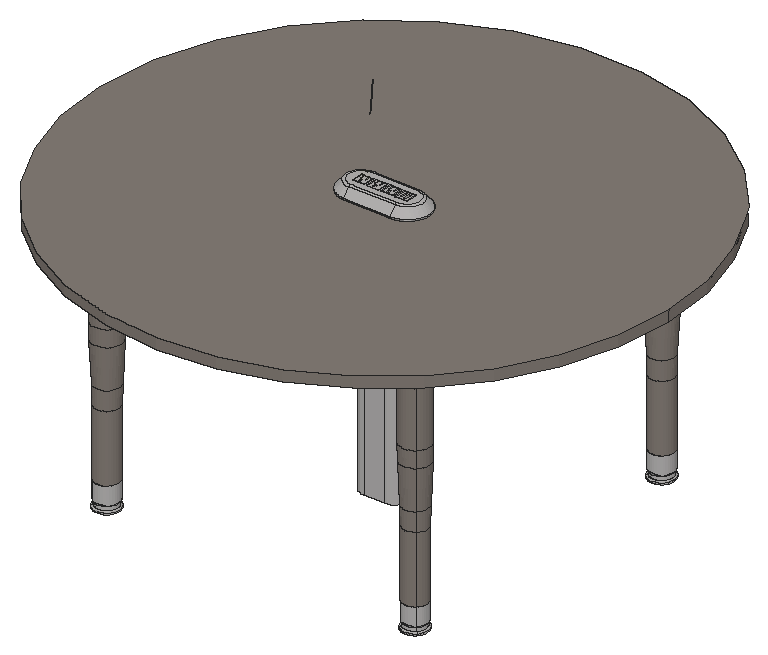
Revit family "Table-Teknion-Zones_ZNTWD-R2015", category Furniture, Revit 2015 (continued)
Definition of nested family "Lighting_Fixture-Table_Lamp-Teknion-Zones_ZNETL-R2013"
  Dimensions and locks (in)
    aligned and locked: plane 1 "Center F/B" to curve 5
    aligned and locked: plane 3 "Center L/R" to curve 5
  Automatic sketch dimensions
    Revolve 1 sketch curve to plane 8 "Top" = 0.53897"
    Revolve 1 sketch curve to level = 16.65636"
    Revolve 1 sketch curve to Revolve 1 sketch curve = 33.72995"
Definition of nested family "Table-Cable_Manager-Teknion-Zones_ZNEC-R2013"
  Parameters
    Width = 2.40687"
    Warranty = "http://www.teknion.com/ca/papers/legal-canada"
    URL = "www.teknion.com"
    Sustainability Data = "http://www.teknion.com/ca/tools/assets#&asset=444deb64-fe58-4b68-981e-f75e97781df7,b4ff2d81-9f2e-437d-9659-7cffb09c31cf"
    Square or Round Workshop [instance] = yes
    Series = "Zones"
    Rectangular Workshop [instance] = not(Square or Round Workshop)  # no
    Product Page URL = "http://www.teknion.com/products/product-details?productLineId=b28c7a6e-8e7a-673b-a6c8-ff64004460c4"
    Product Line = "Zones"
    Product Documentation Link = "http://www.teknion.com/pricing/Zones/pdfs/ZNEC_ppg.pdf"
    Part Number = "ZNEC"
    Model = "See Item Code"
    Manufacturer Phone = "416-661-3370"
    Manufacturer Fax = "416.661.4586"
    Manufacturer Contact Information = "http://www.teknion.com/ca/contactus"
    Manufacturer Address = "1150 Flint Road, Toronto, ON. M3J 2J5. Canada"
    Manufacturer = "Teknion"  # constant formula
    Item Code [instance] = if(Square or Round Workshop, "ZNECTS", "ZNECTR")  # "ZNECTS"
    Height [instance] = 24"
    Description = "Workshop Table Cable Manager, Task Height"
    Depth = 4 57/128"
    Cable Manager Material = none
    Assembly Code = "E2020200"
  Reference planes (in)
    plane 1 "Center F/B": y = 0
    plane 2: z = 0
    plane 3 "Center L/R": x = 0
    plane 4 "Left": x = -1.20344
    plane 5 "Right": x = 1.20344
    plane 6 "Back": y = 2.22265
    plane 7 "Front": y = -2.22265
    plane 8 "Top": z = 24
    plane 9: y = 1.01922
    plane 10: y = -1.01922
    plane 11 "Masking Region": z = 27
  Forms (in)
    Sweep 1, solid, material <- "Cable Manager Material"
      path origin (0, 0, 0) x (1, 0, 0) y (0, 1, 0)
        loop
          line (-1.20344, 1.01922) -> (-1.20344, -1.01922)
          arc (-1.20344, -1.01922) -> (0, -2.22265) -> (1.20344, -1.01922) r 1.20344
          line (1.20344, -1.01922) -> (1.20344, 1.01922)
          arc (1.20344, 1.01922) -> (0, 2.22265) -> (-1.20344, 1.01922) r 1.20344
      profile origin (-1.20344, 0, 0) x (1, 0, 0) y (0, 0, 1)
        loop
          line (0, 22.64001) -> (0, 0) -> (0.04, 0) -> (0.04, 22.63944)
          arc (0.04, 22.63944) -> (0.06579, 22.81091) -> (0.13177, 22.97126) r 0.72121
          arc (0.13177, 22.97126) -> (0.23286, 23.12734) -> (0.35305, 23.26924) r 1.45442
          line (0.35305, 23.26924) -> (0.29818, 23.26924)
          arc (0.29818, 23.26924) -> (0.1895, 23.13583) -> (0.09687, 22.99082) r 1.49442
          arc (0.09687, 22.99082) -> (0.02716, 22.82129) -> (0, 22.64001) r 0.76121
    Sweep 2, void
      path origin (0, 0, 0) x (1, 0, 0) y (0, 1, 0)
        loop
          line (0, 2.22265) -> (0, -2.22265)
      profile origin (0, 0, 0) x (1, 0, 0) y (0, 0, 1)
        loop
          line (-0.55955, 24) -> (-0.55955, 22.43135)
          arc (-0.55955, 22.43135) -> (-0.52293, 22.34296) -> (-0.43455, 22.30635) r 0.125
          line (-0.43455, 22.30635) -> (0.43455, 22.30635)
          arc (0.43455, 22.30635) -> (0.52293, 22.34296) -> (0.55955, 22.43135) r 0.125
          line (0.55955, 22.43135) -> (0.55955, 24) -> (-0.55955, 24)
    Sweep 3, solid
      path origin (0, 0, 0) x (1, 0, 0) y (0, 1, 0)
        loop
          arc (1.20344, 1.01922) -> (0, 2.22265) -> (-1.20344, 1.01922) r 1.20344
          line (-1.20344, 1.01922) -> (-1.20344, -1.01922)
          arc (-1.20344, -1.01922) -> (0, -2.22265) -> (1.20344, -1.01922) r 1.20344
          line (1.20344, -1.01922) -> (1.20344, 1.01922)
      profile origin (-1.20344, 0, 0) x (1, 0, 0) y (0, 0, 1)
        loop
          circle (0.37162, 23.21258) r 0.0937
    Sweep 4, solid
      path origin (0, 0, 0) x (1, 0, 0) y (0, 0, 1)
        loop
          line (0, 23.92126) -> (0, 24)
      profile origin (0, 0, 23.96063) x (-1, 0, 0) y (0, -1, 0)
        loop
          line (0.4101, 0.5) -> (0.68898, 0.6015) -> (0.68898, 1.44442)
          arc (0.68898, 1.44442) -> (0.51174, 1.56247) -> (0.31496, 1.64387) r 1.09197
          line (0.31496, 1.64387) -> (0.31496, 1.71161) -> (-0.31496, 1.71161) -> (-0.31496, 1.64387)
          arc (-0.31496, 1.64387) -> (-0.51174, 1.56247) -> (-0.68898, 1.44442) r 1.09197
          line (-0.68898, 1.44442) -> (-0.68898, 0.6015) -> (-0.4101, 0.5) -> (-0.4101, -0.5) -> (-0.68898, -0.6015) -> (-0.68898, -1.44442)
          arc (-0.68898, -1.44442) -> (-0.51174, -1.56247) -> (-0.31496, -1.64387) r 1.09197
          line (-0.31496, -1.64387) -> (-0.31496, -1.71161) -> (0.31496, -1.71161) -> (0.31496, -1.64387)
          arc (0.31496, -1.64387) -> (0.51174, -1.56247) -> (0.68898, -1.44442) r 1.09197
          line (0.68898, -1.44442) -> (0.68898, -0.6015) -> (0.4101, -0.5) -> (0.4101, 0.5)
    Sweep 5, solid
      path origin (0, 0, 0) x (1, 0, 0) y (0, 1, 0)
        loop
          line (-0.31496, 0) -> (0.31496, 0)
      profile origin (0, 0, 0) x (0, 1, 0) y (0, 0, 1)
        loop
          line (1.71161, 23.2126) -> (1.71161, 23.92126) -> (1.63287, 23.92126) -> (1.63287, 23.1187) -> (1.74838, 23.1187)
          arc (1.74838, 23.1187) -> (1.72113, 23.16218) -> (1.71161, 23.2126) r 0.13829
        loop
          arc (-1.71161, 23.2126) -> (-1.72113, 23.16218) -> (-1.74838, 23.1187) r 0.13829
          line (-1.74838, 23.1187) -> (-1.63287, 23.1187) -> (-1.63287, 23.92126) -> (-1.71161, 23.92126) -> (-1.71161, 23.2126)
    Sweep 6, solid, visible <- "Square or Round Workshop"
      path origin (0, 0, 0) x (1, 0, 0) y (0, 0, 1)
        loop
          line (0, 23.94) -> (0, 21)
      profile origin (0, 0, 22.47) x (0, -1, 0) y (1, 0, 0)
        loop
          arc (-2.75, -1.2021) -> (-2.62318, -1.50828) -> (-2.317, -1.6351) r 0.433
          line (-2.317, -1.6351) -> (2.317, -1.6351)
          arc (2.317, -1.6351) -> (2.62318, -1.50828) -> (2.75, -1.2021) r 0.433
          line (2.75, -1.2021) -> (2.75, -0.058)
          arc (2.75, -0.058) -> (2.73301, -0.01699) -> (2.692, 0) r 0.058
          arc (2.692, 0) -> (2.73301, 0.01699) -> (2.75, 0.058) r 0.058
          line (2.75, 0.058) -> (2.75, 1.2021)
          arc (2.75, 1.2021) -> (2.62318, 1.50828) -> (2.317, 1.6351) r 0.433
          line (2.317, 1.6351) -> (-2.317, 1.6351)
          arc (-2.317, 1.6351) -> (-2.62318, 1.50828) -> (-2.75, 1.2021) r 0.433
          line (-2.75, 1.2021) -> (-2.75, 0.058)
          arc (-2.75, 0.058) -> (-2.73301, 0.01699) -> (-2.692, 0) r 0.058
          arc (-2.692, 0) -> (-2.73301, -0.01699) -> (-2.75, -0.058) r 0.058
          line (-2.75, -0.058) -> (-2.75, -1.2021)
        loop
          line (-2.702, -0.048) -> (-2.702, -1.2021)
          arc (-2.702, -1.2021) -> (-2.58924, -1.47434) -> (-2.317, -1.5871) r 0.385
          line (-2.317, -1.5871) -> (2.317, -1.5871)
          arc (2.317, -1.5871) -> (2.58924, -1.47434) -> (2.702, -1.2021) r 0.385
          line (2.702, -1.2021) -> (2.702, -0.048) -> (1.75, -0.048) -> (1.75, 0.048) -> (2.702, 0.048) -> (2.702, 1.2021)
          arc (2.702, 1.2021) -> (2.58924, 1.47434) -> (2.317, 1.5871) r 0.385
          line (2.317, 1.5871) -> (-2.317, 1.5871)
          arc (-2.317, 1.5871) -> (-2.58924, 1.47434) -> (-2.702, 1.2021) r 0.385
          line (-2.702, 1.2021) -> (-2.702, 0.048) -> (-1.75, 0.048) -> (-1.75, -0.048) -> (-2.702, -0.048)
    Sweep 7, solid, visible <- "Square or Round Workshop"
      path origin (0, 0, 0) x (1, 0, 0) y (0, 0, 1)
        loop
          line (0, 23.94) -> (0, 24)
      profile origin (0, 0, 23.97) x (-1, 0, 0) y (0, -1, 0)
        loop
          line (1.6351, -1.7247) -> (1.6351, 1.7247) -> (0.9742, 1.7247)
          arc (0.9742, 1.7247) -> (0.88581, 1.68809) -> (0.8492, 1.5997) r 0.125
          line (0.8492, 1.5997) -> (0.8492, -1.5997)
          arc (0.8492, -1.5997) -> (0.88581, -1.68809) -> (0.9742, -1.7247) r 0.125
          line (0.9742, -1.7247) -> (1.6351, -1.7247)
        loop
          line (-1.6351, 1.7247) -> (-1.6351, -1.7247) -> (-0.9742, -1.7247)
          arc (-0.9742, -1.7247) -> (-0.88581, -1.68809) -> (-0.8492, -1.5997) r 0.125
          line (-0.8492, -1.5997) -> (-0.8492, 1.5997)
          arc (-0.8492, 1.5997) -> (-0.88581, 1.68809) -> (-0.9742, 1.7247) r 0.125
          line (-0.9742, 1.7247) -> (-1.6351, 1.7247)
  Cuts and joins
    Sweep 2 cuts Sweep 1
    joined: Sweep 4, Sweep 5
    joined: Sweep 6, Sweep 7
  Lines and regions (in)
    Masking region 1, visible <- "Square or Round Workshop"
      outline origin (0, 0, 27) x (-1, 0, 0) y (0, -1, 0)
        loop
          arc (0, -2.692) -> (0.01699, -2.73301) -> (0.058, -2.75) r 0.058
          line (0.058, -2.75) -> (1.2021, -2.75)
          arc (1.2021, -2.75) -> (1.50828, -2.62318) -> (1.6351, -2.317) r 0.433
          line (1.6351, -2.317) -> (1.6351, 2.317)
          arc (1.6351, 2.317) -> (1.50828, 2.62318) -> (1.2021, 2.75) r 0.433
          line (1.2021, 2.75) -> (0.058, 2.75)
          arc (0.058, 2.75) -> (0.01699, 2.73301) -> (0, 2.692) r 0.058
          arc (0, 2.692) -> (-0.01699, 2.73301) -> (-0.058, 2.75) r 0.058
          line (-0.058, 2.75) -> (-1.2021, 2.75)
          arc (-1.2021, 2.75) -> (-1.50828, 2.62318) -> (-1.6351, 2.317) r 0.433
          line (-1.6351, 2.317) -> (-1.6351, -2.317)
          arc (-1.6351, -2.317) -> (-1.50828, -2.62318) -> (-1.2021, -2.75) r 0.433
          line (-1.2021, -2.75) -> (-0.058, -2.75)
          arc (-0.058, -2.75) -> (-0.01699, -2.73301) -> (0, -2.692) r 0.058
        loop
          line (0.048, -2.702) -> (1.2021, -2.702)
          arc (1.2021, -2.702) -> (1.47434, -2.58924) -> (1.5871, -2.317) r 0.385
          line (1.5871, -2.317) -> (1.5871, -1.7247) -> (0.9742, -1.7247)
          arc (0.9742, -1.7247) -> (0.88581, -1.68809) -> (0.8492, -1.5997) r 0.125
          line (0.8492, -1.5997) -> (0.8492, 1.5997)
          arc (0.8492, 1.5997) -> (0.88581, 1.68809) -> (0.9742, 1.7247) r 0.125
          line (0.9742, 1.7247) -> (1.5871, 1.7247) -> (1.5871, 2.317)
          arc (1.5871, 2.317) -> (1.47434, 2.58924) -> (1.2021, 2.702) r 0.385
          line (1.2021, 2.702) -> (0.048, 2.702) -> (0.048, 1.75) -> (-0.048, 1.75) -> (-0.048, 2.702) -> (-1.2021, 2.702)
          arc (-1.2021, 2.702) -> (-1.47434, 2.58924) -> (-1.5871, 2.317) r 0.385
          line (-1.5871, 2.317) -> (-1.5871, 1.7247) -> (-0.9742, 1.7247)
          arc (-0.9742, 1.7247) -> (-0.88581, 1.68809) -> (-0.8492, 1.5997) r 0.125
          line (-0.8492, 1.5997) -> (-0.8492, -1.5997)
          arc (-0.8492, -1.5997) -> (-0.88581, -1.68809) -> (-0.9742, -1.7247) r 0.125
          line (-0.9742, -1.7247) -> (-1.5871, -1.7247) -> (-1.5871, -2.317)
          arc (-1.5871, -2.317) -> (-1.47434, -2.58924) -> (-1.2021, -2.702) r 0.385
          line (-1.2021, -2.702) -> (-0.048, -2.702) -> (-0.048, -1.75) -> (0.048, -1.75) -> (0.048, -2.702)
    symbolic lines
      curve 1: arc (1.20344, 1.01922, 27) -> (0, 2.22265, 27) -> (-1.20344, 1.01922, 27) r 1.20344
      curve 2: line (-1.20344, 1.01922, 27) -> (-1.20344, -1.01922, 27)
      curve 3: line (1.20344, -1.01922, 27) -> (1.20344, 1.01922, 27)
      curve 4: arc (-1.20344, -1.01922, 27) -> (0, -2.22265, 27) -> (1.20344, -1.01922, 27) r 1.20344
  Dimensions and locks (in)
    "Height": plane 8 "Top" to plane 2
    equal spacing: plane 4 "Left", plane 3 "Center L/R", plane 5 "Right"
    "Width": plane 4 "Left" to plane 5 "Right"
    equal spacing: plane 6 "Back", plane 1 "Center F/B", plane 7 "Front"
    "Depth": plane 6 "Back" to plane 7 "Front"
    plane 10 to plane 1 "Center F/B" to plane 9 = 1.01922" locked, 1.01922" locked
    Sweep 2 sketch curve to plane 3 "Center L/R" to Sweep 2 sketch curve = 0.55955" locked, 0.55955" locked
    locked: plane 8 "Top" to Sweep 2 sketch curve at 1.69365
    locked: Sweep 1 sketch curve to plane 4 "Left" at 0.04
    locked: plane 8 "Top" to Sweep 4 sketch curve at 0.07874
    Sweep 4 sketch curve to Sweep 4 sketch curve to Sweep 4 sketch curve to plane 3 "Center L/R" to Sweep 4 sketch curve to Sweep 4 sketch curve to Sweep 4 sketch curve = 0" locked, 0.27887" locked, 0.4101" locked, 0.4101" locked, 0.27887" locked, 0" locked
    Sweep 5 sketch curve to plane 3 "Center L/R" to Sweep 5 sketch curve = 0.31496" locked, 0.31496" locked
    plane 6 "Back" to Sweep 5 sketch curve to Sweep 5 sketch curve = 0.51104" locked, 0.07874" locked
    Sweep 5 sketch curve to Sweep 5 sketch curve to plane 7 "Front" = 0.07874" locked, 0.51104" locked
    plane 8 "Top" to Sweep 5 sketch curve to Sweep 5 sketch curve = 0.07874" locked, 0.80256" locked  (x2)
    Sweep 4 sketch curve to plane 1 "Center F/B" to Sweep 4 sketch curve = 1.71161" locked, 1.71161" locked
    locked: plane 11 "Masking Region" to plane 8 "Top" at 3
    locked: plane 8 "Top" to Sweep 6 sketch curve at 3
    Sweep 6 sketch curve to plane 1 "Center F/B" to Sweep 6 sketch curve = 2 3/4" locked, 2 3/4" locked
    locked: plane 8 "Top" to Sweep 7 sketch curve at 0.06
    Sweep 7 sketch curve to Sweep 7 sketch curve to plane 1 "Center F/B" to Sweep 7 sketch curve to Sweep 7 sketch curve = 0" locked, 1.7247" locked, 1.7247" locked, 0" locked
    locked: plane 8 "Top" to Sweep 6 sketch curve at 0.06
    Sweep 6 sketch curve to plane 3 "Center L/R" to Sweep 6 sketch curve = 1.6351" locked, 1.6351" locked
    Sweep 7 sketch curve to plane 3 "Center L/R" to Sweep 7 sketch curve = 1.6351" locked, 1.6351" locked
    locked: plane 8 "Top" to Sweep 3 sketch curve at 0.78742
    plane 8 "Top" to Sweep 1 sketch curve to Sweep 1 sketch curve to Sweep 1 sketch curve = 0.73076" locked, 0.65056" locked, 0.35846" locked
    aligned and locked: level to plane 2
    aligned and locked: plane 6 "Back" to Sweep 2 sketch curve
    aligned and locked: plane 7 "Front" to Sweep 2 sketch curve
    aligned and locked: Sweep 2 sketch curve to plane 3 "Center L/R"
    aligned and locked: Sweep 2 sketch curve to plane 8 "Top"
    aligned and locked: Sweep 1 sketch curve to plane 4 "Left"  (x2)
    aligned and locked: Sweep 1 sketch curve to plane 5 "Right"
    aligned and locked: plane 9 to Sweep 1 sketch curve
    aligned and locked: plane 10 to Sweep 1 sketch curve
    aligned and locked: Sweep 3 sketch curve to plane 4 "Left"
    aligned and locked: plane 5 "Right" to Sweep 3 sketch curve
    aligned and locked: plane 9 to Sweep 3 sketch curve
    aligned and locked: plane 10 to Sweep 3 sketch curve
    aligned and locked: plane 3 "Center L/R" to Sweep 3 sketch curve  (x2)
    aligned and locked: plane 8 "Top" to Sweep 4 sketch curve
    aligned and locked: plane 3 "Center L/R" to Sweep 4 sketch curve
    aligned and locked: plane 1 "Center F/B" to Sweep 5 sketch curve
    aligned and locked: Sweep 6 sketch curve to plane 3 "Center L/R"
    aligned and locked: plane 8 "Top" to Sweep 7 sketch curve
    aligned and locked: plane 3 "Center L/R" to Sweep 7 sketch curve
    aligned and locked: Masking region 1 sketch curve to cut or joined group of Sweep 6, Sweep 7  (x24)
    aligned and locked: cut or joined group of Sweep 6, Sweep 7 to Masking region 1 sketch curve  (x2)
    aligned and locked: curve 2 to plane 4 "Left"
    aligned and locked: plane 5 "Right" to curve 3
    aligned and locked: plane 9 to curve 1
    aligned and locked: plane 3 "Center L/R" to curve 1
    aligned and locked: plane 3 "Center L/R" to curve 4
    aligned and locked: plane 10 to curve 4
  Automatic sketch dimensions
    Sweep 1 sketch curve to level = 0"
    Sweep 1 sketch curve to profile plane = 0.09687"
    Sweep 1 sketch curve to Sweep 1 sketch curve = 0"  (x6)
    Sweep 1 sketch curve to Sweep 1 sketch curve = 0.03489"
    Sweep 1 sketch curve to Sweep 1 sketch curve = 0.05487"
    Sweep 1 sketch curve to Sweep 1 sketch curve = 0.00057"
    profile plane to Sweep 2 sketch curve = 0.43455"
    Sweep 2 sketch curve to Sweep 2 sketch curve = 1/8"
    Sweep 3 sketch curve to profile plane = 0.37162"
    Sweep 4 sketch curve to profile plane = 0.31496"  (x2)
    profile plane to Sweep 4 sketch curve = 0.31496"  (x2)
    profile plane to Sweep 4 sketch curve = 0.00209"  (x2)
    Sweep 4 sketch curve to profile plane = 0.00209"  (x2)
    Sweep 4 sketch curve to Sweep 4 sketch curve = 0.06774"  (x4)
    Sweep 4 sketch curve to Sweep 4 sketch curve = 0.19946"  (x4)
    Sweep 4 sketch curve to plane 1 "Center F/B" = 0.6015"  (x2)
    Sweep 4 sketch curve to Sweep 4 sketch curve = 0.1015"  (x4)
    plane 1 "Center F/B" to Sweep 4 sketch curve = 1/2"  (x2)
    Sweep 5 sketch curve to Sweep 5 sketch curve = 0.03677"  (x2)
    Sweep 5 sketch curve to Sweep 5 sketch curve = 0.13829"
    Sweep 5 sketch curve to Sweep 5 sketch curve = 0.10152"
    Sweep 6 sketch curve to Sweep 6 sketch curve = 0"  (x10)
    profile plane to Sweep 6 sketch curve = 0.058"
    Sweep 6 sketch curve to Sweep 6 sketch curve = 0.048"
    Sweep 6 sketch curve to Sweep 6 sketch curve = 0.385"  (x2)
    profile plane to Sweep 6 sketch curve = 0.048"
    Sweep 6 sketch curve to Sweep 6 sketch curve = 0.567"  (x2)
    Sweep 6 sketch curve to Sweep 6 sketch curve = 0.952"
    Sweep 6 sketch curve to profile plane = 0"
    Sweep 6 sketch curve to Sweep 6 sketch curve = 0.01"  (x4)
    Sweep 6 sketch curve to profile plane = 0.048"  (x2)
    Sweep 6 sketch curve to Sweep 6 sketch curve = 0.942"
    Sweep 6 sketch curve to profile plane = 0.058"  (x2)
    Sweep 7 sketch curve to Sweep 7 sketch curve = 1/8"  (x3)
    Sweep 7 sketch curve to Sweep 7 sketch curve = 0.6609"  (x2)
    profile plane to Sweep 7 sketch curve = 0.8492"
    radius of Sweep 3 sketch curve = 0.0937"
Definition of nested family "Support-Frame-Teknion-Zones_ZNTW-R2015"
  Parameters (values of type "Frame")
    Width = 29 65/256"
    URL = ""
    Table Leg Wood Finish [instance] = none
    Table Frame Finish [instance] = none
    Model = ""
    Manufacturer = ""
    Height = 1.631"
    Description = ""
    Depth = 29 65/256"
    Assembly Code = "E2020200"
  Reference planes (in)
    plane 1 "Top 1": z = 22.369
    plane 2 "Center (Left/Right)": x = 0
    plane 3 "Left": x = -14.62695
    plane 4 "Right": x = 14.62695
    plane 5 "Top": z = 24
    plane 6 "Back": y = 14.62695
    plane 7: y = -14.62695
    plane 8: y = 0
    plane 9 "Bottom": z = 0
    plane 10 "Frame Symbol": z = 26
  Forms (in)
    Sweep 1, solid, material <- "Table Frame Finish"
      path origin (0, 0, 24) x (-1, 0, 0) y (0, -1, 0)
        loop
          line (-14.62695, -14.62695) -> (14.62695, -14.62695) -> (14.62695, 14.62695) -> (-14.62695, 14.62695) -> (-14.62695, -14.62695)
      profile origin (0, 14.62695, 24) x (0, -1, 0) y (0, 0, 1)
        loop
          arc (5.32014, -1.61829) -> (5.68566, -1.51002) -> (5.84375, -1.16312) r 0.45964
          line (5.84375, -1.16312) -> (5.84375, 0) -> (0, 0) -> (0, -0.49716)
          arc (0, -0.49716) -> (0.10537, -0.77899) -> (0.3698, -0.92256) r 0.42959
          line (0.3698, -0.92256) -> (5.32014, -1.61829)
  Lines and regions (in)
    symbolic lines, detail levels medium+fine
      curve 1: line (14.62695, 14.62695, 26) -> (-14.62695, 14.62695, 26)
      curve 2: line (14.62695, -14.62695, 26) -> (14.62695, 14.62695, 26)
      curve 3: line (-14.62695, -14.62695, 26) -> (14.62695, -14.62695, 26)
      curve 4: line (-14.62695, 14.62695, 26) -> (-14.62695, -14.62695, 26)
      curve 5: line (-8.7832, 8.7832, 26) -> (8.7832, 8.7832, 26)
      curve 6: line (-8.7832, -8.7832, 26) -> (-8.7832, 8.7832, 26)
      curve 7: line (8.7832, -8.7832, 26) -> (-8.7832, -8.7832, 26)
      curve 8: line (8.7832, 8.7832, 26) -> (8.7832, -8.7832, 26)
  Dimensions and locks (in)
    equal spacing: plane 3 "Left", plane 2 "Center (Left/Right)", plane 4 "Right"
    "Width": plane 3 "Left" to plane 4 "Right"
    "Height": plane 5 "Top" to plane 1 "Top 1"
    Sweep 1 sketch curve to Sweep 1 sketch curve to Sweep 1 sketch curve to plane 1 "Top 1" = 0.49716", 0.66597", 0.46788" locked
    "Depth": plane 6 "Back" to plane 7
    equal spacing: plane 6 "Back", plane 8, plane 7
    locked: plane 5 "Top" to plane 9 "Bottom" at 24
    plane 10 "Frame Symbol" to plane 9 "Bottom" = 26"
    aligned and locked: Sweep 1 sketch curve to plane 3 "Left"
    aligned and locked: plane 4 "Right" to Sweep 1 sketch curve
    aligned and locked: Sweep 1 to plane 3 "Left"
    aligned and locked: plane 6 "Back" to Sweep 1
    aligned and locked: Sweep 1 sketch curve to plane 7
    aligned and locked: curve 3 to Sweep 1
    aligned and locked: curve 4 to Sweep 1
    aligned and locked: curve 5 to Sweep 1
    aligned and locked: curve 6 to Sweep 1
    aligned and locked: curve 7 to Sweep 1
    aligned and locked: curve 8 to Sweep 1
    aligned and locked: nested 1 to plane 4 "Right"
    aligned and locked: nested 1 to plane 7
    aligned and locked: nested 2 to plane 6 "Back"
    aligned and locked: plane 4 "Right" to nested 2
    aligned and locked: plane 3 "Left" to nested 3
    aligned and locked: plane 6 "Back" to nested 3
    aligned and locked: plane 7 to nested 4
    aligned and locked: nested 4 to plane 3 "Left"
    aligned and locked: plane 9 "Bottom" to level
    aligned and locked: plane 5 "Top" to Sweep 1
    aligned and locked: nested 4 to plane 9 "Bottom"  (x2)
    aligned and locked: nested 3 to plane 9 "Bottom"  (x2)
    aligned and locked: plane 5 "Top" to nested 4
    aligned and locked: nested 4 to plane 5 "Top"
    aligned and locked: plane 5 "Top" to nested 3
    aligned and locked: nested 3 to plane 5 "Top"
  Automatic sketch dimensions
    Sweep 1 sketch curve to profile plane = 0.3698"
    Sweep 1 sketch curve to profile plane = 0.42959"
    Sweep 1 sketch curve to Sweep 1 sketch curve = 0.06397"
    Sweep 1 sketch curve to plane 6 "Back" = 0"
    curve 1 to plane 4 "Right" = 0"
    curve 2 to plane 6 "Back" = 0"
    Sweep 1 sketch curve to plane 5 "Top" = 1.61829"
    Sweep 1 sketch curve to Sweep 1 sketch curve = 4.95034"
    Sweep 1 sketch curve to profile plane = 0"
  Nested families (in)
    nested 1: "Support-Leg-Teknion-Zones_ZNTW-R2015" at (14.62695, -14.62695, 0) x (0, -1, 0) z (0, 0, 1), type "Leg Support"
      with Support Visibility yes
    nested 2: "Support-Leg-Teknion-Zones_ZNTW-R2015" at (14.62695, 14.62695, 0), type "Leg Support"
      with Support Visibility yes
    nested 3: "Support-Leg-Teknion-Zones_ZNTW-R2015" at (-14.62695, 14.62695, 0) x (0, 1, 0) z (0, 0, 1), type "Leg Support"
      with Support Visibility yes
    nested 4: "Support-Leg-Teknion-Zones_ZNTW-R2015" at (-14.62695, -14.62695, 0) x (-1, 0, 0) z (0, 0, 1), type "Leg Support"
      with Support Visibility yes
  Definition of nested family "Support-Leg-Teknion-Zones_ZNTW-R2015"
    Parameters (values of type "Leg Support")
      Width = 9.836"
      URL = ""
      Support Visibility [instance] = yes
      Model = ""
      Manufacturer = ""
      Leg Wood Finish = none
      Leg Paint Finish = none
      Height = 24"
      Description = ""
      Depth = 2.948"
      Assembly Code = "E2020200"
    Reference planes (in)
      plane 1 "Center (Front/Back)": y = 0
      plane 2 "Bottom": z = 0
      plane 3 "Center (Left/Right)": x = 0
      plane 4 "Right": x = 1.47516
      plane 5 "Back": y = 1.474
      plane 6 "Front": y = -1.474
      plane 7: x = -8.36084
      plane 8: z = 24
      plane 9 "Ref Lines": z = 26.74724
    Forms (in)
      Revolve 1, solid, material <- "Leg Paint Finish"
        sketch origin (0.00034, -0.00082, 0) x (0.707107, 0.707107, 0) y (0, 0, 1)
          loop
            line (1.0564, 2.49702) -> (0, 2.49702) -> (0, 0) -> (0.84375, 0) -> (0.84375, 0.0625) -> (1.18523, 0.0625) -> (1.18523, 0.18094)
            arc (1.18523, 0.18094) -> (1.15073, 0.26422) -> (1.06744, 0.29872) r 0.11778
            line (1.06744, 0.29872) -> (0.98409, 0.29872) -> (0.96855, 0.74385) -> (1.06256, 0.74385)
            arc (1.06256, 0.74385) -> (1.07674, 0.74972) -> (1.08262, 0.7639) r 0.02006
            line (1.08262, 0.7639) -> (1.08262, 2.4708)
            arc (1.08262, 2.4708) -> (1.07494, 2.48934) -> (1.0564, 2.49702) r 0.02622
          axis (0, 2.49702) -> (0, 0)
        angle from 0 to 360
      Revolve 2, solid, material <- "Leg Wood Finish"
        sketch origin (0.00034, -0.00082, 0.24219) x (0.707107, 0.707107, 0) y (0, 0, 1)
          loop
            line (1.12205, 2.25471) -> (1.12205, 8.56551) -> (1.15265, 10.35328) -> (1.30887, 14.07994) -> (1.33582, 15.62413) -> (1.33582, 21.00191) -> (0, 21.00191) -> (0, 2.25471) -> (1.12205, 2.25471)
          axis (0, 21.00191) -> (0, 2.25471)
        angle from 0 to 360
      Sweep 3, solid, material <- "Leg Paint Finish", visible <- "Support Visibility"
        path origin (1.05373, -1.0431, -4) x (0.707107, 0.707107, 0) y (0, 0, 1)
          loop
            line (1.47516, 28) -> (1.47516, 25.244)
        profile origin (2.09683, 0, 22.622) x (0.707107, -0.707107, 0) y (0.707107, 0.707107, 0)
          loop
            circle (-1.474, -1.47516) r 1.47501
      SweptBlend 4, solid, material <- "Leg Paint Finish", visible <- "Support Visibility"
        path origin (0.00545, 0.00603, -4) x (0.707107, 0.707107, 0) y (-0.707107, 0.707107, 0)
          loop
            line (0, 0) -> (-8.36084, 0)
        profile origin (0.00545, 0.00603, -4) x (0.707107, -0.707107, 0) y (0, 0, 1)
          loop
            line (-1.47501, 25.244) -> (1.47501, 25.244) -> (1.47501, 28) -> (-1.47501, 28) -> (-1.47501, 25.244)
        end profile origin (-5.90656, -5.90598, -4) x (0.707107, -0.707107, 0) y (0, 0, 1)
          loop
            line (-0.25716, 28) -> (-0.19194, 26.13218) -> (0.19194, 26.13218) -> (0.25716, 28) -> (-0.25716, 28)
    Cuts and joins
      joined: Sweep 3, SweptBlend 4
    Lines and regions (in)
      symbolic lines, detail levels fine
        curve 1: line (-1.29684, 0.7013, 26.74724) -> (-6.0884, -5.72414, 26.74724)
        curve 2: line (-5.72472, -6.08782, 26.74724) -> (0.66403, -1.32362, 26.74724)
        curve 3: line (-6.0884, -5.72414, 26.74724) -> (-5.72472, -6.08782, 26.74724)
        curve 4: arc (1.03925, -1.04787, 26.74724) -> (1.04536, 1.04013, 26.74724) -> (-1.04265, 1.04217, 26.74724) r 1.47501
        curve 6: arc (-1.03153, -1.04381, 26.74724) -> (1.05445, -1.04381, 26.74724) -> (1.05445, 1.04217, 26.74724) r 1.47501
      symbolic lines, detail levels medium+fine
        curve 5: circle (0.00034, -0.00082, 26.74724) r 1.18523 normal (0, 0, 1)
    Dimensions and locks (in)
      locked: Revolve 1 sketch curve to plane 2 "Bottom" at 0.0625
      Revolve 1 sketch curve to Revolve 1 sketch curve to Revolve 1 sketch curve to Revolve 1 sketch curve = 1.75317" locked, 0.44513" locked, 0.23622" locked
      Revolve 1 sketch curve to Revolve 1 sketch curve to Revolve 1 sketch curve to Revolve 1 sketch curve = 0.09852" locked, 0.14034" locked, 27/32"
      Revolve 2 sketch curve to Revolve 2 sketch curve to Revolve 2 sketch curve = 5.51443" locked, 6.3108" locked
      Revolve 2 sketch curve to Revolve 2 sketch curve to Revolve 2 sketch curve = 0.18682" locked, 0" locked
      equal spacing: plane 5 "Back", plane 1 "Center (Front/Back)", plane 6 "Front"
      "Depth": plane 5 "Back" to plane 6 "Front"
      "Width": plane 7 to plane 4 "Right"
      plane 7 to plane 3 "Center (Left/Right)" to plane 4 "Right" = 8.36084", 1.47516"
      SweptBlend 4 sketch curve to SweptBlend 4 sketch curve = 2.95002"
      SweptBlend 4 sketch curve to SweptBlend 4 sketch curve = 0.38388"
      Sweep 3 to SweptBlend 4 sketch curve = 1.86782"
      "Height": plane 8 to plane 2 "Bottom"
      locked: plane 9 "Ref Lines" to plane 2 "Bottom" at 26.74724
      Revolve 2 sketch curve to Revolve 2 sketch curve to Revolve 2 sketch curve to plane 2 "Bottom" = 5.37778" locked, 13.36941" locked, 2.4969" locked
      aligned and locked: level to plane 2 "Bottom"
      aligned and locked: Revolve 1 to Revolve 1
      aligned and locked: Revolve 2 to Revolve 2
      aligned and locked: Sweep 3 to SweptBlend 4 sketch curve
      aligned and locked: plane 8 to SweptBlend 4
      aligned and locked: SweptBlend 4 to curve 2
      aligned and locked: SweptBlend 4 to curve 1
      aligned and locked: curve 6 to Sweep 3  (x2)
      aligned and locked: curve 3 to SweptBlend 4
    Automatic sketch dimensions
      Revolve 1 sketch curve to level = 0"
      Revolve 1 sketch curve to Revolve 1 sketch curve = 0.02622"
      Revolve 1 sketch curve to Revolve 1 sketch curve = 0.02006"
      Revolve 1 sketch curve to Revolve 1 sketch curve = 0.08335"
      Revolve 1 sketch curve to Revolve 1 sketch curve = 0.11778"
      Revolve 1 sketch curve to Revolve 1 sketch curve = 0.671"
      Revolve 1 sketch curve to Revolve 1 sketch curve = 0.68639"
      Revolve 2 sketch curve to Revolve 2 sketch curve = 1.12205"
      level to Revolve 2 sketch curve = 10.59546"
      Revolve 2 sketch curve to Revolve 2 sketch curve = 0.03061"
      Revolve 2 sketch curve to Revolve 2 sketch curve = 0"
      Revolve 2 sketch curve to Revolve 2 sketch curve = 0.02695"
      Revolve 2 sketch curve to level = 16.41417"
      Sweep 3 sketch curve to Sweep 3 sketch curve = 2.756"
      Sweep 3 sketch curve to profile plane = 1.474"
      profile plane to Sweep 3 sketch curve = 1.47516"
      plane 6 "Front" to SweptBlend 4 sketch curve = 4.43198"
      SweptBlend 4 sketch curve to plane 4 "Right" = 7.38172"
      SweptBlend 4 sketch curve to SweptBlend 4 sketch curve = 8.36084"
      profile plane to SweptBlend 4 sketch curve = 1.47501"
      SweptBlend 4 sketch curve to profile plane = 1.47501"
      profile plane to SweptBlend 4 sketch curve = 25.244"
      SweptBlend 4 sketch curve to SweptBlend 4 sketch curve = 2.756"
      profile plane to SweptBlend 4 sketch curve = 0.25716"
      profile plane to SweptBlend 4 sketch curve = 0.19194"
      SweptBlend 4 sketch curve to profile plane = 0.19194"
      SweptBlend 4 sketch curve to profile plane = 0.25716"
      SweptBlend 4 sketch curve to SweptBlend 4 sketch curve = 1.86782"
      plane 8 to Revolve 2 sketch curve = 26.43102"
      Sweep 3 sketch curve to plane 8 = 2.756"
      curve 4 to curve 5 = 0"  (x2)
      curve 4 to curve 6 = 0"
      plane 3 "Center (Left/Right)" to curve 5 = 0.00034"
      curve 6 to plane 4 "Right" = 0.42071"
      curve 4 to curve 2 = 0.37523"
      curve 6 to plane 3 "Center (Left/Right)" = 1.03153"
      curve 4 to plane 5 "Back" = 0.43183"
      curve 4 to curve 1 = 0.25419"
      curve 4 to curve 1 = 0.34087"
      radius of Sweep 3 sketch curve = 1.47501"
      radius of curve 5 = 1.18523"
Types (3): name | Voltage | With Power Pill | Model | With Center Light | Description | Connector Description | Cable Manager Visibility | Cable Manager | Apparent Load
  Table 54", with Center Light | 120 V | no | "ZNTWD54L" | yes | "Round Dialogue Workshop Table, 54\"dia, with Center Light Cut-Out" | "Power Connector" | yes | yes | 21 VA
  Table 54'' | 0 V | no | "ZNTWD54N" | no | "Round Dialogue Workshop Table, 54\"dia, without Cut-Out" | "Without Power Connector" | no | no | 0 VA
  Table 54", with Power Pill | 120 V | yes | "ZNTWD54P" | no | "Round Dialogue Workshop Table, 54\"dia, with Center Pill Cut-Out" | "Power Connector" | yes | yes | 0 VA
